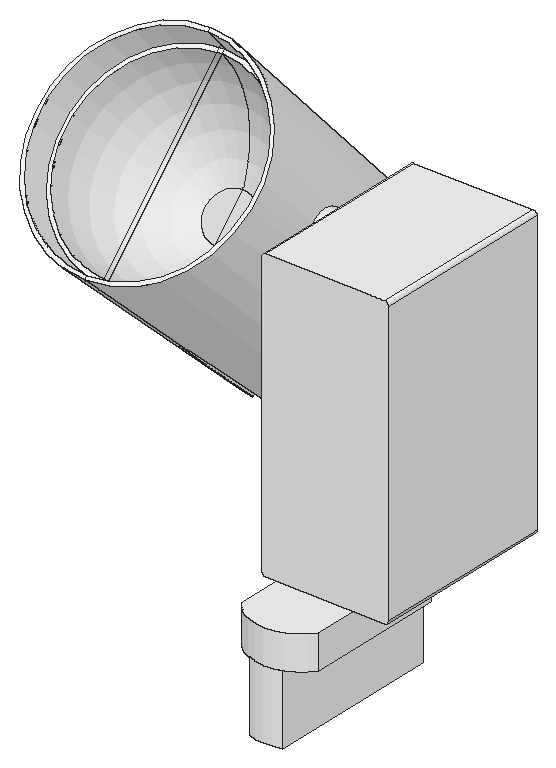
Revit family "0004931 Feilo Sylvania Lighting Fixture START TRACK SPOT S DALI 1359LM 940 MB WHT", category Lighting Fixtures, host Face, Revit 2017
Family settings
  Host = Face
  Round Connector Dimension = Use Diameter
  Part Type = Normal
  OmniClass Number = 23.80.70.00
  OmniClass Title = Lighting
  Cut with Voids When Loaded = No
  Light Source = No
  Shared = No
  Room Calculation Point = No
Parameters (values of type "0004931 START TRACK SPOT S DALI 1359LM 940 MB WHT")
  Weight = "0.94 kg"
  Wattage Comments = ""
  WarrantyStartDate [instance] = "n/a"
  WarrantyGuarantorParts = "n/a"
  WarrantyDurationUnit = "n/a"
  WarrantyDurationParts = "n/a"
  WarrantyDescription = "n/a"
  Voltage = 230 V
  URL = "http://www.sylvania-lighting.com/"
  TypeName = "START TRACK SPOT S DALI 1359LM 940 MB WHT"
  TypeHead_FEILO = Start Track Spot Head : 0004872 START TRACK SPOT S 14W 4K RA90 MB WHITE
  TypeBox_FEILO = Start Track Spot Box : Type Small White
  Type Image = <None>
  Type Comments = "n/a"
  VerticalRotation_FEILO [instance] = 0.00°
  SlideEndAngle_FEILO [instance] = VerticalRotation_FEILO + 180.00°  # 180.00°
  SerialNumber [instance] = "n/a"
  Material_3_FEILO = none
  PowerFactor = 0.92
  PowerConsumption = "14 W"
  NominalLength = 0 mm
  NominalHeight = 200 mm
  NominalDepth = 140 mm
  Name = "START TRACK SPOT S DALI 1359LM 940 MB WHT"
  ModelReference = Name  # "START TRACK SPOT S DALI 1359LM 940 MB WHT"
  ModelNumber = "0004931"
  Model = Name  # "START TRACK SPOT S DALI 1359LM 940 MB WHT"
  Material = "adc12 aluminium housing, polycarbonate diffuser"
  ManufacturerName = "Feilo Sylvania"
  Manufacturer = "Feilo Sylvania"
  LuminousEfficacy = "97 lm/W"
  LuminaireType = ""
  LightOutputRatio = "100"
  LampsType = Lamp  # "LED"
  LampNominalLuminous = "1359 lm"
  LampMacAdamStep = "3"
  LampColourTemperature = "4000 K"
  LampColourRenderingIndex = "90"
  Lamp = "LED"
  Keynote = "16500"
  InstallationDate [instance] = "n/a"
  InputVoltage = "230-240V~"
  InputNominalFrequency = "50/60 Hz"
  IngressProtection = "IP20"
  ImpactProtectionIndex = "IK02"
  IfcExportType = "IfcLightFixtureType"
  IfcExportAs = "IfcLightFixtureType"
  HorizontalRotation_FEILO [instance] = 45.00°
  ExpectedLife = 50000
  ElectricShockClassification = "Class II"
  DurationUnit = "hours"
  DocumentationLiterature = "http://www.sylvania-lighting.com/product/en-int/products/0004872"
  DimmingControlOptions = "Dimmable"
  Material_2_FEILO = none
  Description = "Integrated LED spotlight, Textured White - RAL9016, compact and minimalist design, ideal for retail applications, die-cast aluminium body, passive cooling heatsink. Beam angle: 36°, color temperature: 4000K , total system power: 14W, total fixture output: 1359 lm, LOR: 100%, colour rendering: Ra: 90 typical, LED Chromaticity: 3 step MacAdam ellipse, lifetime: >50000 hours at L70B50, energy class: A++, A+, A, IR/UV free light source without heat radiation, operating voltage: 220-240V / 50-60Hz, drive current: 350mA, electronic driver, non-dimmable, power factor: 0.92, electrical protection: Class II, Global Track 3 Phase adapter suitable for Global trac 3-circuit tracks, ingress protection rating: IP20, suitable for internal environment only, horizontal rotation: 355°, vertical tilt: 90°, dimensions: Ø86x140x200, weight: 0.940kg."
  Default Elevation = 1219.2 mm
  CreatedOn = "04/26/2018"
  CreatedBy = ""
  Cost = 0
  built-in parameter 1114216 [instance] = (empty or 0)
  ClassificationValue = "EF_70_80"
  ClassificationName = "Uniclass2015"
  Material_1_FEILO = Body-Sylvania-StartTrackSpot-White
  BarCode [instance] = "n/a"
  AssetType = "Fixed"
  AssetIdentifier [instance] = "n/a"
  Assembly Code = "D5020200"
  Apparent Load = 14 VA
  Material_4_FEILO = none
Reference planes
  plane 1 "Center (Front/Back)": y = 0
  plane 2: z = 0
  plane 3 "Center (Left/Right)": x = 0
  plane 4: x = 15
  plane 5: x = -15
  plane 6: y = 35
  plane 7: y = -35
  plane 8: z = 13
  plane 9: z = -27
  plane 10: x = 6.5
  plane 11: x = -6.5
  plane 12: y = 27
  plane 13: y = -27
  plane 14: y = 20
Forms (mm)
  Extrusion 1, solid, material "Body-Sylvania-StartTrackSpot-White" <- "Material_1_FEILO"
    sketch origin (0, 0, 0) x (1, 0, 0) y (0, 1, 0)
      loop
        line (-15, 27) -> (-15, -27)
        arc (-15, -27) -> (0, -35) -> (15, -27) r 18.062
        line (15, -27) -> (15, 27)
        arc (15, 27) -> (0, 35) -> (-15, 27) r 18.062
    from 0 to 13
  Extrusion 2, solid, material "Body-Sylvania-StartTrackSpot-White" <- "Material_1_FEILO"
    sketch origin (0, 0, 0) x (1, 0, 0) y (0, 1, 0)
      loop
        arc (6.5, 33.79) -> (0, 35) -> (-6.5, 33.79) r 18.062
        line (-6.5, 33.79) -> (-6.5, -33.79)
        arc (-6.5, -33.79) -> (0, -35) -> (6.5, -33.79) r 18.062
        line (6.5, -33.79) -> (6.5, 33.79)
    from 0 to -27
  Revolve 3, solid, not visible
    sketch origin (1524, 20, 1219.2) x (1, 0, 0) y (0, 0, 1)
      loop
        line (-1524, -1206.2) -> (-1524, -1191.285) -> (-1530.5, -1191.285) -> (-1530.5, -1206.2) -> (-1524, -1206.2)
      axis (-1524, -1191.285) -> (-1524, -1206.2)
    angle from 0 <- "VerticalRotation_FEILO" to 180 <- "SlideEndAngle_FEILO"
Cuts and joins
  joined: Extrusion 1, Extrusion 2
Dimensions and locks
  equal spacing: plane 10, plane 3 "Center (Left/Right)", plane 11
  equal spacing: plane 4, plane 3 "Center (Left/Right)", plane 5
  locked: plane 8 to plane 2 at 13
  locked: plane 8 to plane 9 at 40
  equal spacing: plane 13, plane 1 "Center (Front/Back)", plane 12
  locked: plane 12 to plane 6 at 8
  locked: plane 14 to plane 6 at 15
  locked: Revolve 3 sketch curve to plane 8 at 14.915
  aligned and locked: plane 2 to host face
  aligned and locked: level to host face
  aligned and locked: plane 5 to Extrusion 1 sketch curve  (x2)
  aligned and locked: plane 12 to Extrusion 1 sketch curve
  aligned and locked: plane 13 to Extrusion 1 sketch curve
  aligned and locked: plane 4 to Extrusion 1 sketch curve
  aligned and locked: Extrusion 1 to plane 8
  aligned and locked: Extrusion 1 to level
  aligned and locked: Extrusion 2 sketch curve to Extrusion 1  (x2)
  aligned and locked: Extrusion 2 sketch curve to plane 11
  aligned and locked: plane 10 to Extrusion 2 sketch curve
  aligned and locked: plane 9 to Extrusion 2
  aligned and locked: level to Extrusion 2
  aligned and locked: Revolve 3 sketch curve to plane 3 "Center (Left/Right)"  (x2)
  aligned and locked: plane 11 to Revolve 3 sketch curve
  aligned and locked: Revolve 3 sketch curve to plane 8
Automatic sketch dimensions
  host sketch curve to host sketch curve = 2438.4 mm  (x2)
  Extrusion 1 sketch curve to plane 3 "Center (Left/Right)" = 0 mm  (x2)
  Extrusion 1 sketch curve to plane 13 = 10.062 mm
  plane 12 to Extrusion 1 sketch curve = 10.062 mm
  Revolve 3 sketch curve to plane 3 "Center (Left/Right)" = 0 mm
  plane 9 to Revolve 3 sketch curve = 582.6 mm
  Revolve 3 sketch curve to Revolve 3 sketch curve = 2581.144 mm
Nested families
  nested 1: "Start Track Spot Head" at (-62, 20, 112.529) x (0, 0.7071, 0.7071) z (0, 0.7071, -0.7071), type <- "TypeHead_FEILO", type "0004872 START TRACK SPOT S 14W 4K RA90 MB WHITE"
    with built-in parameter 1114216 (empty or 0)
  nested 2: "Start Track Spot Box" at (8.5, 20, 73) x (-1, 0, 0) z (0, -1, 0), BoxStartAngle_FEILO <- "HorizontalRotation_FEILO", type <- "TypeBox_FEILO", type "Type Small White"
    with BoxStartAngle_FEILO 45.00°, BoxEndAngle_FEILO -135.00°
Connectors
  electrical at (0, 0, 0), driven by "Apparent Load", driven by "PowerFactor", driven by "Voltage"
    settings: index 1, voltage 230 V, apparent load 14 VA, apparent load phase1 0 VA, apparent load phase2 0 VA, apparent load phase3 0 VA, power factor 0.92, load classification "Lighting", number of poles 1, system type 30, power factor state 1, is connector primary yes, connector utility no, sub classification motor no, connector description ""
Definition of nested family "Start Track Spot Head"
  Parameters (values of type "0004811 START TRACK SPOT S 14W 3K RA80 NB WHITE")
    Wattage Comments = "n/a"
    Wattage = 14 W
    built-in parameter 1150110 = 1 (stored number, unit not read)
    URL = "http://www.feilosylvania.com"
    Type Image = (empty or 0)
    Type Comments = "n/a"
    built-in parameter 1114217 = 1 (stored number, unit not read)
    Tilt Angle = -90.00°
    built-in parameter 1150109 = 1 (stored number, unit not read)
    built-in parameter 1150134 = (empty or 0)
    built-in parameter 1150113 = 1 (stored number, unit not read)
    Photometric Web File = "0004811.ies"
    Material_3_FEILO = none
    Model = "START TRACK SPOT S 14W 3K RA80 NB WHITE"
    Manufacturer = "Feilo Sylvania"
    built-in parameter 1150105 = 123.66 (stored number, unit not read)
    Lumens = 1554 lm
    built-in parameter 1150115 = 1 (stored number, unit not read)
    built-in parameter 1150137 = (empty or 0)
    built-in parameter 1150139 = (empty or 0)
    built-in parameter 1150112 = 1 (stored number, unit not read)
    built-in parameter 1150114 = 1 (stored number, unit not read)
    Lamp = "LED"
    Keynote = "16500"
    Material_2_FEILO = none
    built-in parameter 1150132 = (empty or 0)
    built-in parameter 1150102 = (empty or 0)
    built-in parameter 1150107 = 3000 (stored number, unit not read)
    built-in parameter 1150138 = (empty or 0)
    built-in parameter 1150106 = 1.2366 (stored number, unit not read)
    HeadThickness_FEILO = if(HeadDiaOut_FEILO > 112 mm, 2 mm, 1.5 mm)  # 1.5 mm
    HeadRibOffset_FEILO = HeadHeight_FEILO / 28  # 4.179 mm
    HeadRibDepth_FEILO = HeadHeight_FEILO / 2.1  # 55.714 mm
    HeadRibCutWidth_FEILO = HeadDiaOut_FEILO / 12  # 7.167 mm
    HeadRibCutOffset_FEILO = HeadHeight_FEILO / 2.3  # 50.87 mm
    HeadReflectorRadius_FEILO = HeadDiaOut_FEILO / 1.7  # 50.588 mm
    HeadReflectorOffset_FEILO = HeadHeight_FEILO / 2.1  # 55.714 mm
    HeadLEDRadius_FEILO = HeadDiaOut_FEILO / 9  # 9.556 mm
    HeadHeight_FEILO = 117 mm
    HeadDraft_FEILO = 1 mm
    HeadDiffusorThickness_FEILO = 3 mm
    HeadDiffusorOffset_FEILO = HeadHeight_FEILO / 12.4  # 9.435 mm
    HeadDiaOut_FEILO = 86 mm
    HeadDiaIn_FEILO = HeadDiaOut_FEILO / 1.11  # 77.477 mm
    HeadAxisFromTop_FEILO = HeadHeight_FEILO / 1.687  # 69.354 mm
    Emit from Circle Diameter = HeadDiaIn_FEILO  # 77.477 mm
    Emit Shape Visible in Rendering = no
    built-in parameter 1150104 = 10.312 (stored number, unit not read)
    Dimming Lamp Color Temperature Shift = (empty or 0)
    Description = "Integrated LED spotlight, Textured White - RAL9016, compact and minimalist design, ideal for retail applications, die-cast aluminium body, passive cooling heatsink. Beam angle: 12°, color temperature: 3000K , total system power: 14W, total fixture output: 1551 lm, LOR: 100%, colour rendering: Ra: 80 typical, LED Chromaticity: 3 step MacAdam ellipse, lifetime: >50000 hours at L70B50, energy class: A++, A+, A, IR/UV free light source without heat radiation, operating voltage: 220-240V / 50-60Hz, drive current: 350mA, electronic driver, non-dimmable, power factor: 0.92, electrical protection: Class II, Global Track 3 Phase adapter suitable for Global trac 3-circuit tracks, ingress protection rating: IP20, suitable for internal environment only, horizontal rotation: 355°, vertical tilt: 90°, dimensions: Ø86x140x200, weight: 0.940kg."
    Default Elevation = 1219.2 mm
    Cost = 0
    Color Filter = 16777215
    built-in parameter 1114216 [instance] = (empty or 0)
    Material_1_FEILO = none
    built-in parameter 1114218 = 1 (stored number, unit not read)
    built-in parameter 1150133 = 10 (stored number, unit not read)
    Assembly Code = "D5020200"
    Apparent Load = 14 VA
    Material_4_FEILO = none
  Types (96, lengths in mm): name | Wattage | built-in parameter 1150134 | Photometric Web File | Model | built-in parameter 1150105 | Lumens | built-in parameter 1150107 | built-in parameter 1150106 | HeadThickness_FEILO | HeadRibOffset_FEILO | HeadRibDepth_FEILO | HeadRibCutWidth_FEILO | HeadRibCutOffset_FEILO | HeadReflectorRadius_FEILO | HeadReflectorOffset_FEILO | HeadLEDRadius_FEILO | HeadHeight_FEILO | HeadDiffusorOffset_FEILO | HeadDiaOut_FEILO | HeadDiaIn_FEILO | HeadAxisFromTop_FEILO | Emit from Circle Diameter | built-in parameter 1150104 | Description | Apparent Load
    0004906 START TRACK SPOT L 55W 4K RA90 WB BLACK | 55 W | 12 | "0004906.ies" | "START TRACK SPOT L 55W 4K RA90 WB BLACK" | 385.15 (stored number, unit not read) | 4840 lm | 4000 (stored number, unit not read) | 3.8515 (stored number, unit not read) | 2 | 4.429 | 59.048 | 9.417 | 53.913 | 66.471 | 59.048 | 12.556 | 124 | 10 | 113 | 101.802 | 73.503 | 101.802 | 8.1755 (stored number, unit not read) | "Integrated LED spotlight, Textured Black - RAL9005, compact and minimalist design, ideal for retail applications, die-cast aluminium body, passive cooling heatsink. Beam angle: 52°, color temperature: 4000K , total system power: 55W, total fixture output: 4824 lm, LOR: 100%, colour rendering: Ra: 90 typical, LED Chromaticity: 3 step MacAdam ellipse, lifetime: >50000 hours at L70B50, energy class: A++, A+, A, IR/UV free light source without heat radiation, operating voltage: 220-240V / 50-60Hz, drive current: 1400mA, electronic driver, non-dimmable, power factor: 0.96, electrical protection: Class II, Global Track 3 Phase adapter suitable for Global trac 3-circuit tracks, ingress protection rating: IP20, suitable for internal environment only, horizontal rotation: 355°, vertical tilt: 90°, dimensions: Ø113x164x240, weight: 1.398kg." | 55 VA
    0004905 START TRACK SPOT L 55W 4K RA90 MB BLACK | 55 W | 12 | "0004905.ies" | "START TRACK SPOT L 55W 4K RA90 MB BLACK" | 389.53 (stored number, unit not read) | 4895 lm | 4000 (stored number, unit not read) | 3.8953 (stored number, unit not read) | 2 | 4.429 | 59.048 | 9.417 | 53.913 | 66.471 | 59.048 | 12.556 | 124 | 10 | 113 | 101.802 | 73.503 | 101.802 | 8.2684 (stored number, unit not read) | "Integrated LED spotlight, Textured Black - RAL9005, compact and minimalist design, ideal for retail applications, die-cast aluminium body, passive cooling heatsink. Beam angle: 38°, color temperature: 4000K , total system power: 55W, total fixture output: 4897 lm, LOR: 100%, colour rendering: Ra: 90 typical, LED Chromaticity: 3 step MacAdam ellipse, lifetime: >50000 hours at L70B50, energy class: A++, A+, A, IR/UV free light source without heat radiation, operating voltage: 220-240V / 50-60Hz, drive current: 1400mA, electronic driver, non-dimmable, power factor: 0.96, electrical protection: Class II, Global Track 3 Phase adapter suitable for Global trac 3-circuit tracks, ingress protection rating: IP20, suitable for internal environment only, horizontal rotation: 355°, vertical tilt: 90°, dimensions: Ø113x164x240, weight: 1.398kg." | 55 VA
    0004904 START TRACK SPOT L 55W 4K RA90 NB BLACK | 55 W | 12 | "0004904.ies" | "START TRACK SPOT L 55W 4K RA90 NB BLACK" | 393.91 (stored number, unit not read) | 4950 lm | 4000 (stored number, unit not read) | 3.9391 (stored number, unit not read) | 2 | 4.429 | 59.048 | 9.417 | 53.913 | 66.471 | 59.048 | 12.556 | 124 | 10 | 113 | 101.802 | 73.503 | 101.802 | 8.3613 (stored number, unit not read) | "Integrated LED spotlight, Textured Black - RAL9005, compact and minimalist design, ideal for retail applications, die-cast aluminium body, passive cooling heatsink. Beam angle: 15°, color temperature: 4000K , total system power: 55W, total fixture output: 4965 lm, LOR: 100%, colour rendering: Ra: 90 typical, LED Chromaticity: 3 step MacAdam ellipse, lifetime: >50000 hours at L70B50, energy class: A++, A+, A, IR/UV free light source without heat radiation, operating voltage: 220-240V / 50-60Hz, drive current: 1400mA, electronic driver, non-dimmable, power factor: 0.96, electrical protection: Class II, Global Track 3 Phase adapter suitable for Global trac 3-circuit tracks, ingress protection rating: IP20, suitable for internal environment only, horizontal rotation: 355°, vertical tilt: 90°, dimensions: Ø113x164x240, weight: 1.398kg." | 55 VA
    0004903 START TRACK SPOT L 35W 4K RA90 WB BLACK | 35 W | 12 | "0004903.ies" | "START TRACK SPOT L 35W 4K RA90 WB BLACK" | 284.09 (stored number, unit not read) | 3570 lm | 4000 (stored number, unit not read) | 2.8409 (stored number, unit not read) | 2 | 4.429 | 59.048 | 9.417 | 53.913 | 66.471 | 59.048 | 12.556 | 124 | 10 | 113 | 101.802 | 73.503 | 101.802 | 9.4761 (stored number, unit not read) | "Integrated LED spotlight, Textured Black - RAL9005, compact and minimalist design, ideal for retail applications, die-cast aluminium body, passive cooling heatsink. Beam angle: 52°, color temperature: 4000K , total system power: 35W, total fixture output: 3562 lm, LOR: 100%, colour rendering: Ra: 90 typical, LED Chromaticity: 3 step MacAdam ellipse, lifetime: >50000 hours at L70B50, energy class: A++, A+, A, IR/UV free light source without heat radiation, operating voltage: 220-240V / 50-60Hz, drive current: 900mA, electronic driver, non-dimmable, power factor: 0.93, electrical protection: Class II, Global Track 3 Phase adapter suitable for Global trac 3-circuit tracks, ingress protection rating: IP20, suitable for internal environment only, horizontal rotation: 355°, vertical tilt: 90°, dimensions: Ø113x164x240, weight: 1.368kg." | 35 VA
    0004902 START TRACK SPOT L 35W 4K RA90 MB BLACK | 35 W | 12 | "0004902.ies" | "START TRACK SPOT L 35W 4K RA90 MB BLACK" | 286.88 (stored number, unit not read) | 3605 lm | 4000 (stored number, unit not read) | 2.8688 (stored number, unit not read) | 2 | 4.429 | 59.048 | 9.417 | 53.913 | 66.471 | 59.048 | 12.556 | 124 | 10 | 113 | 101.802 | 73.503 | 101.802 | 9.569 (stored number, unit not read) | "Integrated LED spotlight, Textured Black - RAL9005, compact and minimalist design, ideal for retail applications, die-cast aluminium body, passive cooling heatsink. Beam angle: 38°, color temperature: 4000K , total system power: 35W, total fixture output: 3616 lm, LOR: 100%, colour rendering: Ra: 90 typical, LED Chromaticity: 3 step MacAdam ellipse, lifetime: >50000 hours at L70B50, energy class: A++, A+, A, IR/UV free light source without heat radiation, operating voltage: 220-240V / 50-60Hz, drive current: 900mA, electronic driver, non-dimmable, power factor: 0.93, electrical protection: Class II, Global Track 3 Phase adapter suitable for Global trac 3-circuit tracks, ingress protection rating: IP20, suitable for internal environment only, horizontal rotation: 355°, vertical tilt: 90°, dimensions: Ø113x164x240, weight: 1.368kg." | 35 VA
    0004901 START TRACK SPOT L 35W 4K RA90 NB BLACK | 35 W | 12 | "0004901.ies" | "START TRACK SPOT L 35W 4K RA90 NB BLACK" | 286.88 (stored number, unit not read) | 3605 lm | 4000 (stored number, unit not read) | 2.8688 (stored number, unit not read) | 2 | 4.429 | 59.048 | 9.417 | 53.913 | 66.471 | 59.048 | 12.556 | 124 | 10 | 113 | 101.802 | 73.503 | 101.802 | 9.569 (stored number, unit not read) | "Integrated LED spotlight, Textured Black - RAL9005, compact and minimalist design, ideal for retail applications, die-cast aluminium body, passive cooling heatsink. Beam angle: 15°, color temperature: 4000K , total system power: 35W, total fixture output: 3593 lm, LOR: 100%, colour rendering: Ra: 90 typical, LED Chromaticity: 3 step MacAdam ellipse, lifetime: >50000 hours at L70B50, energy class: A++, A+, A, IR/UV free light source without heat radiation, operating voltage: 220-240V / 50-60Hz, drive current: 900mA, electronic driver, non-dimmable, power factor: 0.93, electrical protection: Class II, Global Track 3 Phase adapter suitable for Global trac 3-circuit tracks, ingress protection rating: IP20, suitable for internal environment only, horizontal rotation: 355°, vertical tilt: 90°, dimensions: Ø113x164x240, weight: 1.368kg." | 35 VA
    0004900 START TRACK SPOT S 24W 4K RA90 WB BLACK | 24 W | 12 | "0004900.ies" | "START TRACK SPOT S 24W 4K RA90 WB BLACK" | 166.16 (stored number, unit not read) | 2088 lm | 4000 (stored number, unit not read) | 1.6616 (stored number, unit not read) | 1.5 | 4.179 | 55.714 | 7.167 | 50.87 | 50.588 | 55.714 | 9.556 | 117 | 9.435 | 86 | 77.477 | 69.354 | 77.477 | 8.0826 (stored number, unit not read) | "Integrated LED spotlight, Textured Black - RAL9005, compact and minimalist design, ideal for retail applications, die-cast aluminium body, passive cooling heatsink. Beam angle: 64°, color temperature: 4000K , total system power: 24W, total fixture output: 2087 lm, LOR: 100%, colour rendering: Ra: 90 typical, LED Chromaticity: 3 step MacAdam ellipse, lifetime: >50000 hours at L70B50, energy class: A++, A+, A, IR/UV free light source without heat radiation, operating voltage: 220-240V / 50-60Hz, drive current: 600mA, electronic driver, non-dimmable, power factor: 0.95, electrical protection: Class II, Global Track 3 Phase adapter suitable for Global trac 3-circuit tracks, ingress protection rating: IP20, suitable for internal environment only, horizontal rotation: 355°, vertical tilt: 90°, dimensions: Ø86x140x200, weight: 0.966kg." | 24 VA
    0004899 START TRACK SPOT S 24W 4K RA90 MB BLACK | 24 W | 12 | "0004899.ies" | "START TRACK SPOT S 24W 4K RA90 MB BLACK" | 169.98 (stored number, unit not read) | 2136 lm | 4000 (stored number, unit not read) | 1.6998 (stored number, unit not read) | 1.5 | 4.179 | 55.714 | 7.167 | 50.87 | 50.588 | 55.714 | 9.556 | 117 | 9.435 | 86 | 77.477 | 69.354 | 77.477 | 8.2684 (stored number, unit not read) | "Integrated LED spotlight, Textured Black - RAL9005, compact and minimalist design, ideal for retail applications, die-cast aluminium body, passive cooling heatsink. Beam angle: 36°, color temperature: 4000K , total system power: 24W, total fixture output: 2141 lm, LOR: 100%, colour rendering: Ra: 90 typical, LED Chromaticity: 3 step MacAdam ellipse, lifetime: >50000 hours at L70B50, energy class: A++, A+, A, IR/UV free light source without heat radiation, operating voltage: 220-240V / 50-60Hz, drive current: 600mA, electronic driver, non-dimmable, power factor: 0.95, electrical protection: Class II, Global Track 3 Phase adapter suitable for Global trac 3-circuit tracks, ingress protection rating: IP20, suitable for internal environment only, horizontal rotation: 355°, vertical tilt: 90°, dimensions: Ø86x140x200, weight: 0.966kg." | 24 VA
    0004898 START TRACK SPOT S 24W 4K RA90 NB BLACK | 24 W | 12 | "0004898.ies" | "START TRACK SPOT S 24W 4K RA90 NB BLACK" | 171.89 (stored number, unit not read) | 2160 lm | 4000 (stored number, unit not read) | 1.7189 (stored number, unit not read) | 1.5 | 4.179 | 55.714 | 7.167 | 50.87 | 50.588 | 55.714 | 9.556 | 117 | 9.435 | 86 | 77.477 | 69.354 | 77.477 | 8.3613 (stored number, unit not read) | "Integrated LED spotlight, Textured Black - RAL9005, compact and minimalist design, ideal for retail applications, die-cast aluminium body, passive cooling heatsink. Beam angle: 12°, color temperature: 4000K , total system power: 24W, total fixture output: 2155 lm, LOR: 100%, colour rendering: Ra: 90 typical, LED Chromaticity: 3 step MacAdam ellipse, lifetime: >50000 hours at L70B50, energy class: A++, A+, A, IR/UV free light source without heat radiation, operating voltage: 220-240V / 50-60Hz, drive current: 600mA, electronic driver, non-dimmable, power factor: 0.95, electrical protection: Class II, Global Track 3 Phase adapter suitable for Global trac 3-circuit tracks, ingress protection rating: IP20, suitable for internal environment only, horizontal rotation: 355°, vertical tilt: 90°, dimensions: Ø86x140x200, weight: 0.966kg." | 24 VA
    0004897 START TRACK SPOT S 14W 4K RA90 WB BLACK | 14 W | 12 | "0004897.ies" | "START TRACK SPOT S 14W 4K RA90 WB BLACK" | 108.07 (stored number, unit not read) | 1358 lm | 4000 (stored number, unit not read) | 1.0807 (stored number, unit not read) | 1.5 | 4.179 | 55.714 | 7.167 | 50.87 | 50.588 | 55.714 | 9.556 | 117 | 9.435 | 86 | 77.477 | 69.354 | 77.477 | 9.0116 (stored number, unit not read) | "Integrated LED spotlight, Textured Black - RAL9005, compact and minimalist design, ideal for retail applications, die-cast aluminium body, passive cooling heatsink. Beam angle: 64°, color temperature: 4000K , total system power: 14W, total fixture output: 1352 lm, LOR: 100%, colour rendering: Ra: 90 typical, LED Chromaticity: 3 step MacAdam ellipse, lifetime: >50000 hours at L70B50, energy class: A++, A+, A, IR/UV free light source without heat radiation, operating voltage: 220-240V / 50-60Hz, drive current: 350mA, electronic driver, non-dimmable, power factor: 0.92, electrical protection: Class II, Global Track 3 Phase adapter suitable for Global trac 3-circuit tracks, ingress protection rating: IP20, suitable for internal environment only, horizontal rotation: 355°, vertical tilt: 90°, dimensions: Ø86x140x200, weight: 0.940kg." | 14 VA
    0004896 START TRACK SPOT S 14W 4K RA90 MB BLACK | 14 W | 12 | "0004896.ies" | "START TRACK SPOT S 14W 4K RA90 MB BLACK" | 108.07 (stored number, unit not read) | 1358 lm | 4000 (stored number, unit not read) | 1.0807 (stored number, unit not read) | 1.5 | 4.179 | 55.714 | 7.167 | 50.87 | 50.588 | 55.714 | 9.556 | 117 | 9.435 | 86 | 77.477 | 69.354 | 77.477 | 9.0116 (stored number, unit not read) | "Integrated LED spotlight, Textured Black - RAL9005, compact and minimalist design, ideal for retail applications, die-cast aluminium body, passive cooling heatsink. Beam angle: 36°, color temperature: 4000K , total system power: 14W, total fixture output: 1359 lm, LOR: 100%, colour rendering: Ra: 90 typical, LED Chromaticity: 3 step MacAdam ellipse, lifetime: >50000 hours at L70B50, energy class: A++, A+, A, IR/UV free light source without heat radiation, operating voltage: 220-240V / 50-60Hz, drive current: 350mA, electronic driver, non-dimmable, power factor: 0.92, electrical protection: Class II, Global Track 3 Phase adapter suitable for Global trac 3-circuit tracks, ingress protection rating: IP20, suitable for internal environment only, horizontal rotation: 355°, vertical tilt: 90°, dimensions: Ø86x140x200, weight: 0.940kg." | 14 VA
    0004895 START TRACK SPOT S 14W 4K RA90 NB BLACK | 14 W | 12 | "0004895.ies" | "START TRACK SPOT S 14W 4K RA90 NB BLACK" | 106.95 (stored number, unit not read) | 1344 lm | 4000 (stored number, unit not read) | 1.0695 (stored number, unit not read) | 1.5 | 4.179 | 55.714 | 7.167 | 50.87 | 50.588 | 55.714 | 9.556 | 117 | 9.435 | 86 | 77.477 | 69.354 | 77.477 | 8.9187 (stored number, unit not read) | "Integrated LED spotlight, Textured Black - RAL9005, compact and minimalist design, ideal for retail applications, die-cast aluminium body, passive cooling heatsink. Beam angle: 12°, color temperature: 4000K , total system power: 14W, total fixture output: 1349 lm, LOR: 100%, colour rendering: Ra: 90 typical, LED Chromaticity: 3 step MacAdam ellipse, lifetime: >50000 hours at L70B50, energy class: A++, A+, A, IR/UV free light source without heat radiation, operating voltage: 220-240V / 50-60Hz, drive current: 350mA, electronic driver, non-dimmable, power factor: 0.92, electrical protection: Class II, Global Track 3 Phase adapter suitable for Global trac 3-circuit tracks, ingress protection rating: IP20, suitable for internal environment only, horizontal rotation: 355°, vertical tilt: 90°, dimensions: Ø86x140x200, weight: 0.940kg." | 14 VA
    0004894 START TRACK SPOT L 55W 3K RA90 WB BLACK | 55 W | (empty or 0) | "0004894.ies" | "START TRACK SPOT L 55W 3K RA90 WB BLACK" | 350.14 (stored number, unit not read) | 4400 lm | 3000 (stored number, unit not read) | 3.5014 (stored number, unit not read) | 2 | 4.429 | 59.048 | 9.417 | 53.913 | 66.471 | 59.048 | 12.556 | 124 | 10 | 113 | 101.802 | 73.503 | 101.802 | 7.4322 (stored number, unit not read) | "Integrated LED spotlight, Textured Black - RAL9005, compact and minimalist design, ideal for retail applications, die-cast aluminium body, passive cooling heatsink. Beam angle: 52°, color temperature: 3000K , total system power: 55W, total fixture output: 4405 lm, LOR: 100%, colour rendering: Ra: 90 typical, LED Chromaticity: 3 step MacAdam ellipse, lifetime: >50000 hours at L70B50, energy class: A++, A+, A, IR/UV free light source without heat radiation, operating voltage: 220-240V / 50-60Hz, drive current: 1400mA, electronic driver, non-dimmable, power factor: 0.96, electrical protection: Class II, Global Track 3 Phase adapter suitable for Global trac 3-circuit tracks, ingress protection rating: IP20, suitable for internal environment only, horizontal rotation: 355°, vertical tilt: 90°, dimensions: Ø113x164x240, weight: 1.398kg." | 55 VA
    0004893 START TRACK SPOT L 55W 3K RA90 MB BLACK | 55 W | (empty or 0) | "0004893.ies" | "START TRACK SPOT L 55W 3K RA90 MB BLACK" | 354.52 (stored number, unit not read) | 4455 lm | 3000 (stored number, unit not read) | 3.5452 (stored number, unit not read) | 2 | 4.429 | 59.048 | 9.417 | 53.913 | 66.471 | 59.048 | 12.556 | 124 | 10 | 113 | 101.802 | 73.503 | 101.802 | 7.5251 (stored number, unit not read) | "Integrated LED spotlight, Textured Black - RAL9005, compact and minimalist design, ideal for retail applications, die-cast aluminium body, passive cooling heatsink. Beam angle: 38°, color temperature: 3000K , total system power: 55W, total fixture output: 4448 lm, LOR: 100%, colour rendering: Ra: 90 typical, LED Chromaticity: 3 step MacAdam ellipse, lifetime: >50000 hours at L70B50, energy class: A++, A+, A, IR/UV free light source without heat radiation, operating voltage: 220-240V / 50-60Hz, drive current: 1400mA, electronic driver, non-dimmable, power factor: 0.96, electrical protection: Class II, Global Track 3 Phase adapter suitable for Global trac 3-circuit tracks, ingress protection rating: IP20, suitable for internal environment only, horizontal rotation: 355°, vertical tilt: 90°, dimensions: Ø113x164x240, weight: 1.398kg." | 55 VA
    0004892 START TRACK SPOT L 55W 3K RA90 NB BLACK | 55 W | (empty or 0) | "0004892.ies" | "START TRACK SPOT L 55W 3K RA90 NB BLACK" | 350.14 (stored number, unit not read) | 4400 lm | 3000 (stored number, unit not read) | 3.5014 (stored number, unit not read) | 2 | 4.429 | 59.048 | 9.417 | 53.913 | 66.471 | 59.048 | 12.556 | 124 | 10 | 113 | 101.802 | 73.503 | 101.802 | 7.4322 (stored number, unit not read) | "Integrated LED spotlight, Textured Black - RAL9005, compact and minimalist design, ideal for retail applications, die-cast aluminium body, passive cooling heatsink. Beam angle: 15°, color temperature: 3000K , total system power: 55W, total fixture output: 4416 lm, LOR: 100%, colour rendering: Ra: 90 typical, LED Chromaticity: 3 step MacAdam ellipse, lifetime: >50000 hours at L70B50, energy class: A++, A+, A, IR/UV free light source without heat radiation, operating voltage: 220-240V / 50-60Hz, drive current: 1400mA, electronic driver, non-dimmable, power factor: 0.96, electrical protection: Class II, Global Track 3 Phase adapter suitable for Global trac 3-circuit tracks, ingress protection rating: IP20, suitable for internal environment only, horizontal rotation: 355°, vertical tilt: 90°, dimensions: Ø113x164x240, weight: 1.398kg." | 55 VA
    0004891 START TRACK SPOT L 35W 3K RA90 WB BLACK | 35 W | (empty or 0) | "0004891.ies" | "START TRACK SPOT L 35W 3K RA90 WB BLACK" | 259.02 (stored number, unit not read) | 3255 lm | 3000 (stored number, unit not read) | 2.5902 (stored number, unit not read) | 2 | 4.429 | 59.048 | 9.417 | 53.913 | 66.471 | 59.048 | 12.556 | 124 | 10 | 113 | 101.802 | 73.503 | 101.802 | 8.64 (stored number, unit not read) | "Integrated LED spotlight, Textured Black - RAL9005, compact and minimalist design, ideal for retail applications, die-cast aluminium body, passive cooling heatsink. Beam angle: 52°, color temperature: 3000K , total system power: 35W, total fixture output: 3260 lm, LOR: 100%, colour rendering: Ra: 90 typical, LED Chromaticity: 3 step MacAdam ellipse, lifetime: >50000 hours at L70B50, energy class: A++, A+, A, IR/UV free light source without heat radiation, operating voltage: 220-240V / 50-60Hz, drive current: 900mA, electronic driver, non-dimmable, power factor: 0.93, electrical protection: Class II, Global Track 3 Phase adapter suitable for Global trac 3-circuit tracks, ingress protection rating: IP20, suitable for internal environment only, horizontal rotation: 355°, vertical tilt: 90°, dimensions: Ø113x164x240, weight: 1.368kg." | 35 VA
    0004890 START TRACK SPOT L 35W 3K RA90 MB BLACK | 35 W | (empty or 0) | "0004890.ies" | "START TRACK SPOT L 35W 3K RA90 MB BLACK" | 261.81 (stored number, unit not read) | 3290 lm | 3000 (stored number, unit not read) | 2.6181 (stored number, unit not read) | 2 | 4.429 | 59.048 | 9.417 | 53.913 | 66.471 | 59.048 | 12.556 | 124 | 10 | 113 | 101.802 | 73.503 | 101.802 | 8.7329 (stored number, unit not read) | "Integrated LED spotlight, Textured Black - RAL9005, compact and minimalist design, ideal for retail applications, die-cast aluminium body, passive cooling heatsink. Beam angle: 38°, color temperature: 3000K , total system power: 35W, total fixture output: 3306 lm, LOR: 100%, colour rendering: Ra: 90 typical, LED Chromaticity: 3 step MacAdam ellipse, lifetime: >50000 hours at L70B50, energy class: A++, A+, A, IR/UV free light source without heat radiation, operating voltage: 220-240V / 50-60Hz, drive current: 900mA, electronic driver, non-dimmable, power factor: 0.93, electrical protection: Class II, Global Track 3 Phase adapter suitable for Global trac 3-circuit tracks, ingress protection rating: IP20, suitable for internal environment only, horizontal rotation: 355°, vertical tilt: 90°, dimensions: Ø113x164x240, weight: 1.368kg." | 35 VA
    0004889 START TRACK SPOT L 35W 3K RA90 NB BLACK | 35 W | (empty or 0) | "0004889.ies" | "START TRACK SPOT L 35W 3K RA90 NB BLACK" | 261.81 (stored number, unit not read) | 3290 lm | 3000 (stored number, unit not read) | 2.6181 (stored number, unit not read) | 2 | 4.429 | 59.048 | 9.417 | 53.913 | 66.471 | 59.048 | 12.556 | 124 | 10 | 113 | 101.802 | 73.503 | 101.802 | 8.7329 (stored number, unit not read) | "Integrated LED spotlight, Textured Black - RAL9005, compact and minimalist design, ideal for retail applications, die-cast aluminium body, passive cooling heatsink. Beam angle: 15°, color temperature: 3000K , total system power: 35W, total fixture output: 3287 lm, LOR: 100%, colour rendering: Ra: 90 typical, LED Chromaticity: 3 step MacAdam ellipse, lifetime: >50000 hours at L70B50, energy class: A++, A+, A, IR/UV free light source without heat radiation, operating voltage: 220-240V / 50-60Hz, drive current: 900mA, electronic driver, non-dimmable, power factor: 0.93, electrical protection: Class II, Global Track 3 Phase adapter suitable for Global trac 3-circuit tracks, ingress protection rating: IP20, suitable for internal environment only, horizontal rotation: 355°, vertical tilt: 90°, dimensions: Ø113x164x240, weight: 1.368kg." | 35 VA
    0004888 START TRACK SPOT S 24W 3K RA90 WB BLACK | 24 W | (empty or 0) | "0004888.ies" | "START TRACK SPOT S 24W 3K RA90 WB BLACK" | 152.79 (stored number, unit not read) | 1920 lm | 3000 (stored number, unit not read) | 1.5279 (stored number, unit not read) | 1.5 | 4.179 | 55.714 | 7.167 | 50.87 | 50.588 | 55.714 | 9.556 | 117 | 9.435 | 86 | 77.477 | 69.354 | 77.477 | 7.4322 (stored number, unit not read) | "Integrated LED spotlight, Textured Black - RAL9005, compact and minimalist design, ideal for retail applications, die-cast aluminium body, passive cooling heatsink. Beam angle: 64°, color temperature: 3000K , total system power: 24W, total fixture output: 1928 lm, LOR: 100%, colour rendering: Ra: 90 typical, LED Chromaticity: 3 step MacAdam ellipse, lifetime: >50000 hours at L70B50, energy class: A++, A+, A, IR/UV free light source without heat radiation, operating voltage: 220-240V / 50-60Hz, drive current: 600mA, electronic driver, non-dimmable, power factor: 0.95, electrical protection: Class II, Global Track 3 Phase adapter suitable for Global trac 3-circuit tracks, ingress protection rating: IP20, suitable for internal environment only, horizontal rotation: 355°, vertical tilt: 90°, dimensions: Ø86x140x200, weight: 0.966kg." | 24 VA
    0004887 START TRACK SPOT S 24W 3K RA90 MB BLACK | 24 W | (empty or 0) | "0004887.ies" | "START TRACK SPOT S 24W 3K RA90 MB BLACK" | 154.7 (stored number, unit not read) | 1944 lm | 3000 (stored number, unit not read) | 1.547 (stored number, unit not read) | 1.5 | 4.179 | 55.714 | 7.167 | 50.87 | 50.588 | 55.714 | 9.556 | 117 | 9.435 | 86 | 77.477 | 69.354 | 77.477 | 7.5251 (stored number, unit not read) | "Integrated LED spotlight, Textured Black - RAL9005, compact and minimalist design, ideal for retail applications, die-cast aluminium body, passive cooling heatsink. Beam angle: 36°, color temperature: 3000K , total system power: 24W, total fixture output: 1944 lm, LOR: 100%, colour rendering: Ra: 90 typical, LED Chromaticity: 3 step MacAdam ellipse, lifetime: >50000 hours at L70B50, energy class: A++, A+, A, IR/UV free light source without heat radiation, operating voltage: 220-240V / 50-60Hz, drive current: 600mA, electronic driver, non-dimmable, power factor: 0.95, electrical protection: Class II, Global Track 3 Phase adapter suitable for Global trac 3-circuit tracks, ingress protection rating: IP20, suitable for internal environment only, horizontal rotation: 355°, vertical tilt: 90°, dimensions: Ø86x140x200, weight: 0.966kg." | 24 VA
    0004886 START TRACK SPOT S 24W 3K RA90 NB BLACK | 24 W | (empty or 0) | "0004886.ies" | "START TRACK SPOT S 24W 3K RA90 NB BLACK" | 158.52 (stored number, unit not read) | 1992 lm | 3000 (stored number, unit not read) | 1.5852 (stored number, unit not read) | 1.5 | 4.179 | 55.714 | 7.167 | 50.87 | 50.588 | 55.714 | 9.556 | 117 | 9.435 | 86 | 77.477 | 69.354 | 77.477 | 7.711 (stored number, unit not read) | "Integrated LED spotlight, Textured Black - RAL9005, compact and minimalist design, ideal for retail applications, die-cast aluminium body, passive cooling heatsink. Beam angle: 12°, color temperature: 3000K , total system power: 24W, total fixture output: 1987 lm, LOR: 100%, colour rendering: Ra: 90 typical, LED Chromaticity: 3 step MacAdam ellipse, lifetime: >50000 hours at L70B50, energy class: A++, A+, A, IR/UV free light source without heat radiation, operating voltage: 220-240V / 50-60Hz, drive current: 600mA, electronic driver, non-dimmable, power factor: 0.95, electrical protection: Class II, Global Track 3 Phase adapter suitable for Global trac 3-circuit tracks, ingress protection rating: IP20, suitable for internal environment only, horizontal rotation: 355°, vertical tilt: 90°, dimensions: Ø86x140x200, weight: 0.966kg." | 24 VA
    0004885 START TRACK SPOT S 14W 3K RA90 WB BLACK | 14 W | (empty or 0) | "0004885.ies" | "START TRACK SPOT S 14W 3K RA90 WB BLACK" | 100.27 (stored number, unit not read) | 1260 lm | 3000 (stored number, unit not read) | 1.0027 (stored number, unit not read) | 1.5 | 4.179 | 55.714 | 7.167 | 50.87 | 50.588 | 55.714 | 9.556 | 117 | 9.435 | 86 | 77.477 | 69.354 | 77.477 | 8.3613 (stored number, unit not read) | "Integrated LED spotlight, Textured Black - RAL9005, compact and minimalist design, ideal for retail applications, die-cast aluminium body, passive cooling heatsink. Beam angle: 64°, color temperature: 3000K , total system power: 14W, total fixture output: 1262 lm, LOR: 100%, colour rendering: Ra: 90 typical, LED Chromaticity: 3 step MacAdam ellipse, lifetime: >50000 hours at L70B50, energy class: A++, A+, A, IR/UV free light source without heat radiation, operating voltage: 220-240V / 50-60Hz, drive current: 350mA, electronic driver, non-dimmable, power factor: 0.92, electrical protection: Class II, Global Track 3 Phase adapter suitable for Global trac 3-circuit tracks, ingress protection rating: IP20, suitable for internal environment only, horizontal rotation: 355°, vertical tilt: 90°, dimensions: Ø86x140x200, weight: 0.940kg." | 14 VA
    0004884 START TRACK SPOT S 14W 3K RA90 MB BLACK | 14 W | (empty or 0) | "0004884.ies" | "START TRACK SPOT S 14W 3K RA90 MB BLACK" | 100.27 (stored number, unit not read) | 1260 lm | 3000 (stored number, unit not read) | 1.0027 (stored number, unit not read) | 1.5 | 4.179 | 55.714 | 7.167 | 50.87 | 50.588 | 55.714 | 9.556 | 117 | 9.435 | 86 | 77.477 | 69.354 | 77.477 | 8.3613 (stored number, unit not read) | "Integrated LED spotlight, Textured Black - RAL9005, compact and minimalist design, ideal for retail applications, die-cast aluminium body, passive cooling heatsink. Beam angle: 36°, color temperature: 3000K , total system power: 14W, total fixture output: 1262 lm, LOR: 100%, colour rendering: Ra: 90 typical, LED Chromaticity: 3 step MacAdam ellipse, lifetime: >50000 hours at L70B50, energy class: A++, A+, A, IR/UV free light source without heat radiation, operating voltage: 220-240V / 50-60Hz, drive current: 350mA, electronic driver, non-dimmable, power factor: 0.92, electrical protection: Class II, Global Track 3 Phase adapter suitable for Global trac 3-circuit tracks, ingress protection rating: IP20, suitable for internal environment only, horizontal rotation: 355°, vertical tilt: 90°, dimensions: Ø86x140x200, weight: 0.940kg." | 14 VA
    0004883 START TRACK SPOT S 14W 3K RA90 NB BLACK | 14 W | (empty or 0) | "0004883.ies" | "START TRACK SPOT S 14W 3K RA90 NB BLACK" | 102.5 (stored number, unit not read) | 1288 lm | 3000 (stored number, unit not read) | 1.025 (stored number, unit not read) | 1.5 | 4.179 | 55.714 | 7.167 | 50.87 | 50.588 | 55.714 | 9.556 | 117 | 9.435 | 86 | 77.477 | 69.354 | 77.477 | 8.5471 (stored number, unit not read) | "Integrated LED spotlight, Textured Black - RAL9005, compact and minimalist design, ideal for retail applications, die-cast aluminium body, passive cooling heatsink. Beam angle: 12°, color temperature: 3000K , total system power: 14W, total fixture output: 1284 lm, LOR: 100%, colour rendering: Ra: 90 typical, LED Chromaticity: 3 step MacAdam ellipse, lifetime: >50000 hours at L70B50, energy class: A++, A+, A, IR/UV free light source without heat radiation, operating voltage: 220-240V / 50-60Hz, drive current: 350mA, electronic driver, non-dimmable, power factor: 0.92, electrical protection: Class II, Global Track 3 Phase adapter suitable for Global trac 3-circuit tracks, ingress protection rating: IP20, suitable for internal environment only, horizontal rotation: 355°, vertical tilt: 90°, dimensions: Ø86x140x200, weight: 0.940kg." | 14 VA
    0004882 START TRACK SPOT L 55W 4K RA90 WB WHITE | 55 W | 12 | "0004882.ies" | "START TRACK SPOT L 55W 4K RA90 WB WHITE" | 385.15 (stored number, unit not read) | 4840 lm | 4000 (stored number, unit not read) | 3.8515 (stored number, unit not read) | 2 | 4.429 | 59.048 | 9.417 | 53.913 | 66.471 | 59.048 | 12.556 | 124 | 10 | 113 | 101.802 | 73.503 | 101.802 | 8.1755 (stored number, unit not read) | "Integrated LED spotlight, Textured White - RAL9016, compact and minimalist design, ideal for retail applications, die-cast aluminium body, passive cooling heatsink. Beam angle: 52°, color temperature: 4000K , total system power: 55W, total fixture output: 4824 lm, LOR: 100%, colour rendering: Ra: 90 typical, LED Chromaticity: 3 step MacAdam ellipse, lifetime: >50000 hours at L70B50, energy class: A++, A+, A, IR/UV free light source without heat radiation, operating voltage: 220-240V / 50-60Hz, drive current: 1400mA, electronic driver, non-dimmable, power factor: 0.96, electrical protection: Class II, Global Track 3 Phase adapter suitable for Global trac 3-circuit tracks, ingress protection rating: IP20, suitable for internal environment only, horizontal rotation: 355°, vertical tilt: 90°, dimensions: Ø113x164x240, weight: 1.398kg." | 55 VA
    0004881 START TRACK SPOT L 55W 4K RA90 MB WHITE | 55 W | 12 | "0004881.ies" | "START TRACK SPOT L 55W 4K RA90 MB WHITE" | 389.53 (stored number, unit not read) | 4895 lm | 4000 (stored number, unit not read) | 3.8953 (stored number, unit not read) | 2 | 4.429 | 59.048 | 9.417 | 53.913 | 66.471 | 59.048 | 12.556 | 124 | 10 | 113 | 101.802 | 73.503 | 101.802 | 8.2684 (stored number, unit not read) | "Integrated LED spotlight, Textured White - RAL9016, compact and minimalist design, ideal for retail applications, die-cast aluminium body, passive cooling heatsink. Beam angle: 38°, color temperature: 4000K , total system power: 55W, total fixture output: 4897 lm, LOR: 100%, colour rendering: Ra: 90 typical, LED Chromaticity: 3 step MacAdam ellipse, lifetime: >50000 hours at L70B50, energy class: A++, A+, A, IR/UV free light source without heat radiation, operating voltage: 220-240V / 50-60Hz, drive current: 1400mA, electronic driver, non-dimmable, power factor: 0.96, electrical protection: Class II, Global Track 3 Phase adapter suitable for Global trac 3-circuit tracks, ingress protection rating: IP20, suitable for internal environment only, horizontal rotation: 355°, vertical tilt: 90°, dimensions: Ø113x164x240, weight: 1.398kg." | 55 VA
    0004880 START TRACK SPOT L 55W 4K RA90 NB WHITE | 55 W | 12 | "0004880.ies" | "START TRACK SPOT L 55W 4K RA90 NB WHITE" | 393.91 (stored number, unit not read) | 4950 lm | 4000 (stored number, unit not read) | 3.9391 (stored number, unit not read) | 2 | 4.429 | 59.048 | 9.417 | 53.913 | 66.471 | 59.048 | 12.556 | 124 | 10 | 113 | 101.802 | 73.503 | 101.802 | 8.3613 (stored number, unit not read) | "Integrated LED spotlight, Textured White - RAL9016, compact and minimalist design, ideal for retail applications, die-cast aluminium body, passive cooling heatsink. Beam angle: 15°, color temperature: 4000K , total system power: 55W, total fixture output: 4965 lm, LOR: 100%, colour rendering: Ra: 90 typical, LED Chromaticity: 3 step MacAdam ellipse, lifetime: >50000 hours at L70B50, energy class: A++, A+, A, IR/UV free light source without heat radiation, operating voltage: 220-240V / 50-60Hz, drive current: 1400mA, electronic driver, non-dimmable, power factor: 0.96, electrical protection: Class II, Global Track 3 Phase adapter suitable for Global trac 3-circuit tracks, ingress protection rating: IP20, suitable for internal environment only, horizontal rotation: 355°, vertical tilt: 90°, dimensions: Ø113x164x240, weight: 1.398kg." | 55 VA
    0004879 START TRACK SPOT L 35W 4K RA90 WB WHITE | 35 W | 12 | "0004879.ies" | "START TRACK SPOT L 35W 4K RA90 WB WHITE" | 284.09 (stored number, unit not read) | 3570 lm | 4000 (stored number, unit not read) | 2.8409 (stored number, unit not read) | 2 | 4.429 | 59.048 | 9.417 | 53.913 | 66.471 | 59.048 | 12.556 | 124 | 10 | 113 | 101.802 | 73.503 | 101.802 | 9.4761 (stored number, unit not read) | "Integrated LED spotlight, Textured White - RAL9016, compact and minimalist design, ideal for retail applications, die-cast aluminium body, passive cooling heatsink. Beam angle: 52°, color temperature: 4000K , total system power: 35W, total fixture output: 3562 lm, LOR: 100%, colour rendering: Ra: 90 typical, LED Chromaticity: 3 step MacAdam ellipse, lifetime: >50000 hours at L70B50, energy class: A++, A+, A, IR/UV free light source without heat radiation, operating voltage: 220-240V / 50-60Hz, drive current: 900mA, electronic driver, non-dimmable, power factor: 0.93, electrical protection: Class II, Global Track 3 Phase adapter suitable for Global trac 3-circuit tracks, ingress protection rating: IP20, suitable for internal environment only, horizontal rotation: 355°, vertical tilt: 90°, dimensions: Ø113x164x240, weight: 1.368kg." | 35 VA
    0004878 START TRACK SPOT L 35W 4K RA90 MB WHITE | 35 W | 12 | "0004878.ies" | "START TRACK SPOT L 35W 4K RA90 MB WHITE" | 286.88 (stored number, unit not read) | 3605 lm | 4000 (stored number, unit not read) | 2.8688 (stored number, unit not read) | 2 | 4.429 | 59.048 | 9.417 | 53.913 | 66.471 | 59.048 | 12.556 | 124 | 10 | 113 | 101.802 | 73.503 | 101.802 | 9.569 (stored number, unit not read) | "Integrated LED spotlight, Textured White - RAL9016, compact and minimalist design, ideal for retail applications, die-cast aluminium body, passive cooling heatsink. Beam angle: 38°, color temperature: 4000K , total system power: 35W, total fixture output: 3616 lm, LOR: 100%, colour rendering: Ra: 90 typical, LED Chromaticity: 3 step MacAdam ellipse, lifetime: >50000 hours at L70B50, energy class: A++, A+, A, IR/UV free light source without heat radiation, operating voltage: 220-240V / 50-60Hz, drive current: 900mA, electronic driver, non-dimmable, power factor: 0.93, electrical protection: Class II, Global Track 3 Phase adapter suitable for Global trac 3-circuit tracks, ingress protection rating: IP20, suitable for internal environment only, horizontal rotation: 355°, vertical tilt: 90°, dimensions: Ø113x164x240, weight: 1.368kg." | 35 VA
    0004877 START TRACK SPOT L 35W 4K RA90 NB WHITE | 35 W | 12 | "0004877.ies" | "START TRACK SPOT L 35W 4K RA90 NB WHITE" | 286.88 (stored number, unit not read) | 3605 lm | 4000 (stored number, unit not read) | 2.8688 (stored number, unit not read) | 2 | 4.429 | 59.048 | 9.417 | 53.913 | 66.471 | 59.048 | 12.556 | 124 | 10 | 113 | 101.802 | 73.503 | 101.802 | 9.569 (stored number, unit not read) | "Integrated LED spotlight, Textured White - RAL9016, compact and minimalist design, ideal for retail applications, die-cast aluminium body, passive cooling heatsink. Beam angle: 15°, color temperature: 4000K , total system power: 35W, total fixture output: 3593 lm, LOR: 100%, colour rendering: Ra: 90 typical, LED Chromaticity: 3 step MacAdam ellipse, lifetime: >50000 hours at L70B50, energy class: A++, A+, A, IR/UV free light source without heat radiation, operating voltage: 220-240V / 50-60Hz, drive current: 900mA, electronic driver, non-dimmable, power factor: 0.93, electrical protection: Class II, Global Track 3 Phase adapter suitable for Global trac 3-circuit tracks, ingress protection rating: IP20, suitable for internal environment only, horizontal rotation: 355°, vertical tilt: 90°, dimensions: Ø113x164x240, weight: 1.368kg." | 35 VA
    0004876 START TRACK SPOT S 24W 4K RA90 WB WHITE | 24 W | 12 | "0004876.ies" | "START TRACK SPOT S 24W 4K RA90 WB WHITE" | 166.16 (stored number, unit not read) | 2088 lm | 4000 (stored number, unit not read) | 1.6616 (stored number, unit not read) | 1.5 | 4.179 | 55.714 | 7.167 | 50.87 | 50.588 | 55.714 | 9.556 | 117 | 9.435 | 86 | 77.477 | 69.354 | 77.477 | 8.0826 (stored number, unit not read) | "Integrated LED spotlight, Textured White - RAL9016, compact and minimalist design, ideal for retail applications, die-cast aluminium body, passive cooling heatsink. Beam angle: 64°, color temperature: 4000K , total system power: 24W, total fixture output: 2087 lm, LOR: 100%, colour rendering: Ra: 90 typical, LED Chromaticity: 3 step MacAdam ellipse, lifetime: >50000 hours at L70B50, energy class: A++, A+, A, IR/UV free light source without heat radiation, operating voltage: 220-240V / 50-60Hz, drive current: 600mA, electronic driver, non-dimmable, power factor: 0.95, electrical protection: Class II, Global Track 3 Phase adapter suitable for Global trac 3-circuit tracks, ingress protection rating: IP20, suitable for internal environment only, horizontal rotation: 355°, vertical tilt: 90°, dimensions: Ø86x140x200, weight: 0.966kg." | 24 VA
    0004875 START TRACK SPOT S 24W 4K RA90 MB WHITE | 24 W | 12 | "0004875.ies" | "START TRACK SPOT S 24W 4K RA90 MB WHITE" | 169.98 (stored number, unit not read) | 2136 lm | 4000 (stored number, unit not read) | 1.6998 (stored number, unit not read) | 1.5 | 4.179 | 55.714 | 7.167 | 50.87 | 50.588 | 55.714 | 9.556 | 117 | 9.435 | 86 | 77.477 | 69.354 | 77.477 | 8.2684 (stored number, unit not read) | "Integrated LED spotlight, Textured White - RAL9016, compact and minimalist design, ideal for retail applications, die-cast aluminium body, passive cooling heatsink. Beam angle: 36°, color temperature: 4000K , total system power: 24W, total fixture output: 2141 lm, LOR: 100%, colour rendering: Ra: 90 typical, LED Chromaticity: 3 step MacAdam ellipse, lifetime: >50000 hours at L70B50, energy class: A++, A+, A, IR/UV free light source without heat radiation, operating voltage: 220-240V / 50-60Hz, drive current: 600mA, electronic driver, non-dimmable, power factor: 0.95, electrical protection: Class II, Global Track 3 Phase adapter suitable for Global trac 3-circuit tracks, ingress protection rating: IP20, suitable for internal environment only, horizontal rotation: 355°, vertical tilt: 90°, dimensions: Ø86x140x200, weight: 0.966kg." | 24 VA
    0004874 START TRACK SPOT S 24W 4K RA90 NB WHITE | 24 W | 12 | "0004874.ies" | "START TRACK SPOT S 24W 4K RA90 NB WHITE" | 171.89 (stored number, unit not read) | 2160 lm | 4000 (stored number, unit not read) | 1.7189 (stored number, unit not read) | 1.5 | 4.179 | 55.714 | 7.167 | 50.87 | 50.588 | 55.714 | 9.556 | 117 | 9.435 | 86 | 77.477 | 69.354 | 77.477 | 8.3613 (stored number, unit not read) | "Integrated LED spotlight, Textured White - RAL9016, compact and minimalist design, ideal for retail applications, die-cast aluminium body, passive cooling heatsink. Beam angle: 12°, color temperature: 4000K , total system power: 24W, total fixture output: 2155 lm, LOR: 100%, colour rendering: Ra: 90 typical, LED Chromaticity: 3 step MacAdam ellipse, lifetime: >50000 hours at L70B50, energy class: A++, A+, A, IR/UV free light source without heat radiation, operating voltage: 220-240V / 50-60Hz, drive current: 600mA, electronic driver, non-dimmable, power factor: 0.95, electrical protection: Class II, Global Track 3 Phase adapter suitable for Global trac 3-circuit tracks, ingress protection rating: IP20, suitable for internal environment only, horizontal rotation: 355°, vertical tilt: 90°, dimensions: Ø86x140x200, weight: 0.966kg." | 24 VA
    0004873 START TRACK SPOT S 14W 4K RA90 WB WHITE | 14 W | 12 | "0004873.ies" | "START TRACK SPOT S 14W 4K RA90 WB WHITE" | 108.07 (stored number, unit not read) | 1358 lm | 4000 (stored number, unit not read) | 1.0807 (stored number, unit not read) | 1.5 | 4.179 | 55.714 | 7.167 | 50.87 | 50.588 | 55.714 | 9.556 | 117 | 9.435 | 86 | 77.477 | 69.354 | 77.477 | 9.0116 (stored number, unit not read) | "Integrated LED spotlight, Textured White - RAL9016, compact and minimalist design, ideal for retail applications, die-cast aluminium body, passive cooling heatsink. Beam angle: 64°, color temperature: 4000K , total system power: 14W, total fixture output: 1352 lm, LOR: 100%, colour rendering: Ra: 90 typical, LED Chromaticity: 3 step MacAdam ellipse, lifetime: >50000 hours at L70B50, energy class: A++, A+, A, IR/UV free light source without heat radiation, operating voltage: 220-240V / 50-60Hz, drive current: 350mA, electronic driver, non-dimmable, power factor: 0.92, electrical protection: Class II, Global Track 3 Phase adapter suitable for Global trac 3-circuit tracks, ingress protection rating: IP20, suitable for internal environment only, horizontal rotation: 355°, vertical tilt: 90°, dimensions: Ø86x140x200, weight: 0.940kg." | 14 VA
    0004872 START TRACK SPOT S 14W 4K RA90 MB WHITE | 14 W | 12 | "0004872.ies" | "START TRACK SPOT S 14W 4K RA90 MB WHITE" | 108.07 (stored number, unit not read) | 1358 lm | 4000 (stored number, unit not read) | 1.0807 (stored number, unit not read) | 1.5 | 4.179 | 55.714 | 7.167 | 50.87 | 50.588 | 55.714 | 9.556 | 117 | 9.435 | 86 | 77.477 | 69.354 | 77.477 | 9.0116 (stored number, unit not read) | "Integrated LED spotlight, Textured White - RAL9016, compact and minimalist design, ideal for retail applications, die-cast aluminium body, passive cooling heatsink. Beam angle: 36°, color temperature: 4000K , total system power: 14W, total fixture output: 1359 lm, LOR: 100%, colour rendering: Ra: 90 typical, LED Chromaticity: 3 step MacAdam ellipse, lifetime: >50000 hours at L70B50, energy class: A++, A+, A, IR/UV free light source without heat radiation, operating voltage: 220-240V / 50-60Hz, drive current: 350mA, electronic driver, non-dimmable, power factor: 0.92, electrical protection: Class II, Global Track 3 Phase adapter suitable for Global trac 3-circuit tracks, ingress protection rating: IP20, suitable for internal environment only, horizontal rotation: 355°, vertical tilt: 90°, dimensions: Ø86x140x200, weight: 0.940kg." | 14 VA
    0004871 START TRACK SPOT S 14W 4K RA90 NB WHITE | 14 W | 12 | "0004871.ies" | "START TRACK SPOT S 14W 4K RA90 NB WHITE" | 106.95 (stored number, unit not read) | 1344 lm | 4000 (stored number, unit not read) | 1.0695 (stored number, unit not read) | 1.5 | 4.179 | 55.714 | 7.167 | 50.87 | 50.588 | 55.714 | 9.556 | 117 | 9.435 | 86 | 77.477 | 69.354 | 77.477 | 8.9187 (stored number, unit not read) | "Integrated LED spotlight, Textured White - RAL9016, compact and minimalist design, ideal for retail applications, die-cast aluminium body, passive cooling heatsink. Beam angle: 12°, color temperature: 4000K , total system power: 14W, total fixture output: 1349 lm, LOR: 100%, colour rendering: Ra: 90 typical, LED Chromaticity: 3 step MacAdam ellipse, lifetime: >50000 hours at L70B50, energy class: A++, A+, A, IR/UV free light source without heat radiation, operating voltage: 220-240V / 50-60Hz, drive current: 350mA, electronic driver, non-dimmable, power factor: 0.92, electrical protection: Class II, Global Track 3 Phase adapter suitable for Global trac 3-circuit tracks, ingress protection rating: IP20, suitable for internal environment only, horizontal rotation: 355°, vertical tilt: 90°, dimensions: Ø86x140x200, weight: 0.940kg." | 14 VA
    0004870 START TRACK SPOT L 55W 3K RA90 WB WHITE | 55 W | (empty or 0) | "0004870.ies" | "START TRACK SPOT L 55W 3K RA90 WB WHITE" | 350.14 (stored number, unit not read) | 4400 lm | 3000 (stored number, unit not read) | 3.5014 (stored number, unit not read) | 2 | 4.429 | 59.048 | 9.417 | 53.913 | 66.471 | 59.048 | 12.556 | 124 | 10 | 113 | 101.802 | 73.503 | 101.802 | 7.4322 (stored number, unit not read) | "Integrated LED spotlight, Textured White - RAL9016, compact and minimalist design, ideal for retail applications, die-cast aluminium body, passive cooling heatsink. Beam angle: 52°, color temperature: 3000K , total system power: 55W, total fixture output: 4405 lm, LOR: 100%, colour rendering: Ra: 90 typical, LED Chromaticity: 3 step MacAdam ellipse, lifetime: >50000 hours at L70B50, energy class: A++, A+, A, IR/UV free light source without heat radiation, operating voltage: 220-240V / 50-60Hz, drive current: 1400mA, electronic driver, non-dimmable, power factor: 0.96, electrical protection: Class II, Global Track 3 Phase adapter suitable for Global trac 3-circuit tracks, ingress protection rating: IP20, suitable for internal environment only, horizontal rotation: 355°, vertical tilt: 90°, dimensions: Ø113x164x240, weight: 1.398kg." | 55 VA
    0004869 START TRACK SPOT L 55W 3K RA90 MB WHITE | 55 W | (empty or 0) | "0004869.ies" | "START TRACK SPOT L 55W 3K RA90 MB WHITE" | 354.52 (stored number, unit not read) | 4455 lm | 3000 (stored number, unit not read) | 3.5452 (stored number, unit not read) | 2 | 4.429 | 59.048 | 9.417 | 53.913 | 66.471 | 59.048 | 12.556 | 124 | 10 | 113 | 101.802 | 73.503 | 101.802 | 7.5251 (stored number, unit not read) | "Integrated LED spotlight, Textured White - RAL9016, compact and minimalist design, ideal for retail applications, die-cast aluminium body, passive cooling heatsink. Beam angle: 38°, color temperature: 3000K , total system power: 55W, total fixture output: 4448 lm, LOR: 100%, colour rendering: Ra: 90 typical, LED Chromaticity: 3 step MacAdam ellipse, lifetime: >50000 hours at L70B50, energy class: A++, A+, A, IR/UV free light source without heat radiation, operating voltage: 220-240V / 50-60Hz, drive current: 1400mA, electronic driver, non-dimmable, power factor: 0.96, electrical protection: Class II, Global Track 3 Phase adapter suitable for Global trac 3-circuit tracks, ingress protection rating: IP20, suitable for internal environment only, horizontal rotation: 355°, vertical tilt: 90°, dimensions: Ø113x164x240, weight: 1.398kg." | 55 VA
    0004868 START TRACK SPOT L 55W 3K RA90 NB WHITE | 55 W | (empty or 0) | "0004868.ies" | "START TRACK SPOT L 55W 3K RA90 NB WHITE" | 350.14 (stored number, unit not read) | 4400 lm | 3000 (stored number, unit not read) | 3.5014 (stored number, unit not read) | 2 | 4.429 | 59.048 | 9.417 | 53.913 | 66.471 | 59.048 | 12.556 | 124 | 10 | 113 | 101.802 | 73.503 | 101.802 | 7.4322 (stored number, unit not read) | "Integrated LED spotlight, Textured White - RAL9016, compact and minimalist design, ideal for retail applications, die-cast aluminium body, passive cooling heatsink. Beam angle: 15°, color temperature: 3000K , total system power: 55W, total fixture output: 4416 lm, LOR: 100%, colour rendering: Ra: 90 typical, LED Chromaticity: 3 step MacAdam ellipse, lifetime: >50000 hours at L70B50, energy class: A++, A+, A, IR/UV free light source without heat radiation, operating voltage: 220-240V / 50-60Hz, drive current: 1400mA, electronic driver, non-dimmable, power factor: 0.96, electrical protection: Class II, Global Track 3 Phase adapter suitable for Global trac 3-circuit tracks, ingress protection rating: IP20, suitable for internal environment only, horizontal rotation: 355°, vertical tilt: 90°, dimensions: Ø113x164x240, weight: 1.398kg." | 55 VA
    0004867 START TRACK SPOT L 35W 3K RA90 WB WHITE | 35 W | (empty or 0) | "0004867.ies" | "START TRACK SPOT L 35W 3K RA90 WB WHITE" | 259.02 (stored number, unit not read) | 3255 lm | 3000 (stored number, unit not read) | 2.5902 (stored number, unit not read) | 2 | 4.429 | 59.048 | 9.417 | 53.913 | 66.471 | 59.048 | 12.556 | 124 | 10 | 113 | 101.802 | 73.503 | 101.802 | 8.64 (stored number, unit not read) | "Integrated LED spotlight, Textured White - RAL9016, compact and minimalist design, ideal for retail applications, die-cast aluminium body, passive cooling heatsink. Beam angle: 52°, color temperature: 3000K , total system power: 35W, total fixture output: 3260 lm, LOR: 100%, colour rendering: Ra: 90 typical, LED Chromaticity: 3 step MacAdam ellipse, lifetime: >50000 hours at L70B50, energy class: A++, A+, A, IR/UV free light source without heat radiation, operating voltage: 220-240V / 50-60Hz, drive current: 900mA, electronic driver, non-dimmable, power factor: 0.93, electrical protection: Class II, Global Track 3 Phase adapter suitable for Global trac 3-circuit tracks, ingress protection rating: IP20, suitable for internal environment only, horizontal rotation: 355°, vertical tilt: 90°, dimensions: Ø113x164x240, weight: 1.368kg." | 35 VA
    0004866 START TRACK SPOT L 35W 3K RA90 MB WHITE | 35 W | (empty or 0) | "0004866.ies" | "START TRACK SPOT L 35W 3K RA90 MB WHITE" | 261.81 (stored number, unit not read) | 3290 lm | 3000 (stored number, unit not read) | 2.6181 (stored number, unit not read) | 2 | 4.429 | 59.048 | 9.417 | 53.913 | 66.471 | 59.048 | 12.556 | 124 | 10 | 113 | 101.802 | 73.503 | 101.802 | 8.7329 (stored number, unit not read) | "Integrated LED spotlight, Textured White - RAL9016, compact and minimalist design, ideal for retail applications, die-cast aluminium body, passive cooling heatsink. Beam angle: 38°, color temperature: 3000K , total system power: 35W, total fixture output: 3306 lm, LOR: 100%, colour rendering: Ra: 90 typical, LED Chromaticity: 3 step MacAdam ellipse, lifetime: >50000 hours at L70B50, energy class: A++, A+, A, IR/UV free light source without heat radiation, operating voltage: 220-240V / 50-60Hz, drive current: 900mA, electronic driver, non-dimmable, power factor: 0.93, electrical protection: Class II, Global Track 3 Phase adapter suitable for Global trac 3-circuit tracks, ingress protection rating: IP20, suitable for internal environment only, horizontal rotation: 355°, vertical tilt: 90°, dimensions: Ø113x164x240, weight: 1.368kg." | 35 VA
    0004865 START TRACK SPOT L 35W 3K RA90 NB WHITE | 35 W | (empty or 0) | "0004865.ies" | "START TRACK SPOT L 35W 3K RA90 NB WHITE" | 261.81 (stored number, unit not read) | 3290 lm | 3000 (stored number, unit not read) | 2.6181 (stored number, unit not read) | 2 | 4.429 | 59.048 | 9.417 | 53.913 | 66.471 | 59.048 | 12.556 | 124 | 10 | 113 | 101.802 | 73.503 | 101.802 | 8.7329 (stored number, unit not read) | "Integrated LED spotlight, Textured White - RAL9016, compact and minimalist design, ideal for retail applications, die-cast aluminium body, passive cooling heatsink. Beam angle: 15°, color temperature: 3000K , total system power: 35W, total fixture output: 3287 lm, LOR: 100%, colour rendering: Ra: 90 typical, LED Chromaticity: 3 step MacAdam ellipse, lifetime: >50000 hours at L70B50, energy class: A++, A+, A, IR/UV free light source without heat radiation, operating voltage: 220-240V / 50-60Hz, drive current: 900mA, electronic driver, non-dimmable, power factor: 0.93, electrical protection: Class II, Global Track 3 Phase adapter suitable for Global trac 3-circuit tracks, ingress protection rating: IP20, suitable for internal environment only, horizontal rotation: 355°, vertical tilt: 90°, dimensions: Ø113x164x240, weight: 1.368kg." | 35 VA
